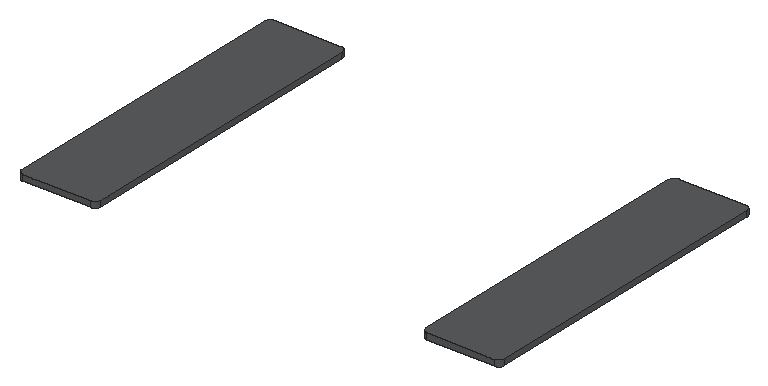
Revit family "Countertop-Supports_Centerline-Brackets_Commercial-Standard-Bracket", category Casework, Revit 2023
Family settings
  OmniClass Number = 23.40.35.11
  OmniClass Title = Casework Components
  Work Plane-Based = No
  Always vertical = Yes
  Cut with Voids When Loaded = No
  Shared = No
  Room Calculation Point = No
Parameters (values of type "14"")
  Width [instance] = Span  # 21 1/2"
  URL = "https://www.countertopbracket.com"
  Span [instance] = if(Number of Brackets = 1, 3 1/2", (Bracket Spacing * (Number of Brackets - 1)) + 3 1/2")  # 21 1/2"
  Product data url = "https://www.bimobject.com/centerline_brackets/product/commercial-standard-bracket"
  Product Material = Centerline Brackets - Steel - Powder Coated - Black (B)
  Placement Height [instance] = 36"
  No of Brackets Control [instance] = if(Number of Brackets < 2, 2, Number of Brackets)  # 2
  Number of Brackets [instance] = 2
  Model = "CST-14"
  Maximum Spacing [instance] = 22"  # constant formula
  Manufacturer = "Centerline Brackets"  # constant formula
  Length = 14"
  Keynote = "12000"
  Height = 1/4"  # constant formula
  Finish Note = "When choosing an alternative finish, please remember to update the model number to reflect the chosen finish."  # constant formula
  Finish = "Available Powder Coat Finishes; White (W), Black (B)"  # constant formula
  Description = "Commercial Standard Bracket"
  Depth = 3 1/2"  # constant formula
  Default Elevation = 0"
  Control [instance] = if(Number of Brackets < 2, 0", if(Bracket Spacing > Maximum Spacing, Maximum Spacing, Bracket Spacing))  # 18"
  Bracket Spacing [instance] = 18"
  Assembly Code = "E2010200"
Types (4): name | Model | Length
  8" | "CST-08" | 8"
  10" | "CST-10" | 10"
  12" | "CST-12" | 12"
  14" | "CST-14" | 14"
Reference planes (in)
  plane 1 "Center (Front/Back)": y = 0
  plane 2: z = 0
  plane 3 "Center (Left/Right)": x = 0
  plane 4: z = 36
  plane 5: z = 35.75
  plane 6: y = -14
  plane 7: x = 0
  plane 8: x = 21.5
  plane 9: x = 18
Dimensions and locks (in)
  "Placement Height": plane 4 to plane 2
  "Height": plane 4 to plane 5
  "Length": plane 1 "Center (Front/Back)" to plane 6
  "Control": plane 7 to plane 9
  "Span": plane 7 to plane 8
  group 1 to group 2 = 18"
  group 1 to group 2 = 0"
  group 2 to group 1 = 0"
  aligned and locked: plane 2 to level
  aligned and locked: nested 1 to plane 4  (x2)
  aligned and locked: plane 7 to plane 3 "Center (Left/Right)"
  aligned and locked: nested 1 to plane 7
  aligned and locked: plane 1 "Center (Front/Back)" to nested 1
  aligned and locked: nested 2 to plane 9
  aligned and locked: plane 1 "Center (Front/Back)" to nested 2
  aligned and locked: nested 2 to plane 4
Nested families (in)
  nested 1: "CommercialStandardBracket" at (1.75, 0, 35.75), type "Geometry"
    with Length 14"
  nested 2: "CommercialStandardBracket" at (19.75, 0, 35.75), type "Geometry"
    with Length 14"
Definition of nested family "CommercialStandardBracket"
  Parameters (values of type "Geometry")
    URL = ""
    Product Material = none
    Manufacturer = ""
    Length = 8"
    Height = 1/4"
    Default Elevation = 0"
  Reference planes (in)
    plane 1 "Center (Front/Back)": y = 0
    plane 2: z = 0
    plane 3 "Center (Left/Right)": x = 0
    plane 4: y = -8
    plane 5: z = 0.25
    plane 6: x = -1.75
    plane 7: x = 1.75
    plane 8: y = -0.5
    plane 9: y = -0.75
    plane 10: y = -2.75
    plane 11: y = -3
    plane 12: x = 1.25
    plane 13: x = 1
    plane 14: x = -1
    plane 15: x = -1.25
  Forms (in)
    Extrusion 1, solid, material <- "Product Material"
      sketch origin (0, 0, 0) x (1, 0, 0) y (0, 1, 0)
        loop
          line (-1.75, -0.3) -> (-1.75, -7.75)
          arc (-1.75, -7.75) -> (-1.67678, -7.92678) -> (-1.5, -8) r 0.25
          line (-1.5, -8) -> (1.5, -8)
          arc (1.5, -8) -> (1.67678, -7.92678) -> (1.75, -7.75) r 0.25
          line (1.75, -7.75) -> (1.75, -0.3)
          arc (1.75, -0.3) -> (1.66213, -0.08787) -> (1.45, 0) r 0.3
          line (1.45, 0) -> (-1.45, 0)
          arc (-1.45, 0) -> (-1.66213, -0.08787) -> (-1.75, -0.3) r 0.3
      from 0 to 0.25
  Lines and regions (in)
    Masking region 1
      outline origin (0, 0, 0) x (1, 0, 0) y (0, 1, 0)
        loop
          line (1.75, -7.75) -> (1.75, -0.3)
          arc (1.75, -0.3) -> (1.66213, -0.08787) -> (1.45, 0) r 0.3
          line (1.45, 0) -> (-1.45, 0)
          arc (-1.45, 0) -> (-1.66213, -0.08787) -> (-1.75, -0.3) r 0.3
          line (-1.75, -0.3) -> (-1.75, -7.75)
          arc (-1.75, -7.75) -> (-1.67678, -7.92678) -> (-1.5, -8) r 0.25
          line (-1.5, -8) -> (1.5, -8)
          arc (1.5, -8) -> (1.67678, -7.92678) -> (1.75, -7.75) r 0.25
    symbolic lines, detail levels medium+fine
      curve 1: circle (1.25, -0.5, 0) r 0.255 normal (0, 0, 1)
      curve 2: circle (-1, -0.75, 0) r 0.255 normal (0, 0, 1)
      curve 3: circle (1, -2.75, 0) r 0.255 normal (0, 0, 1)
      curve 4: circle (-1.25, -3, 0) r 0.255 normal (0, 0, 1)
    model lines, detail levels medium+fine
      curve 5: circle (1.25, -0.5, 0.25) r 0.255 normal (0, 0, 1)
      curve 6: circle (-1, -0.75, 0.25) r 0.255 normal (0, 0, 1)
      curve 7: circle (1, -2.75, 0.25) r 0.255 normal (0, 0, 1)
      curve 8: circle (-1.25, -3, 0.25) r 0.255 normal (0, 0, 1)
  Dimensions and locks (in)
    "Length": plane 1 "Center (Front/Back)" to plane 4
    "Height": plane 5 to plane 2
    locked: plane 8 to plane 1 "Center (Front/Back)" at 0.5
    locked: plane 9 to plane 1 "Center (Front/Back)" at 0.75
    locked: plane 10 to plane 1 "Center (Front/Back)" at 2.75
    locked: plane 11 to plane 1 "Center (Front/Back)" at 3
    locked: plane 12 to plane 7 at 0.5
    locked: plane 13 to plane 7 at 0.75
    locked: plane 14 to plane 7 at 2.75
    locked: plane 15 to plane 7 at 3
    equal spacing: plane 6, plane 3 "Center (Left/Right)", plane 7
    locked: plane 6 to plane 7 at 3.5
    aligned and locked: plane 2 to level
    aligned and locked: plane 12 to curve 1
    aligned and locked: plane 13 to curve 3
    aligned and locked: plane 14 to curve 2
    aligned and locked: plane 15 to curve 4
    aligned and locked: plane 11 to curve 4
    aligned and locked: plane 10 to curve 3
    aligned and locked: plane 9 to curve 2
    aligned and locked: plane 8 to curve 1
    aligned and locked: Extrusion 1 sketch curve to plane 6
    aligned and locked: Extrusion 1 sketch curve to plane 7
    aligned and locked: Extrusion 1 sketch curve to plane 1 "Center (Front/Back)"
    aligned and locked: Extrusion 1 sketch curve to plane 4
    aligned and locked: plane 5 to Extrusion 1
    aligned and locked: Masking region 1 sketch curve to Extrusion 1  (x4)
  Automatic sketch dimensions
    curve 8 to plane 11 = 0"
    curve 7 to plane 10 = 0"
    curve 6 to plane 9 = 0"
    curve 5 to plane 8 = 0"
    curve 8 to plane 15 = 0"
    curve 6 to plane 14 = 0"
    curve 7 to plane 13 = 0"
    curve 5 to plane 12 = 0"
    plane 6 to Extrusion 1 sketch curve = 1/4"
    plane 15 to Extrusion 1 sketch curve = 0.2"
    plane 12 to Extrusion 1 sketch curve = 0.2"
    plane 4 to Extrusion 1 sketch curve = 1/4"
    Extrusion 1 sketch curve to Extrusion 1 sketch curve = 0"  (x2)
    radius of curve 1 = 0.255"
    radius of curve 2 = 0.255"
    radius of curve 3 = 0.255"
    radius of curve 4 = 0.255"
    radius of curve 5 = 0.255"
    radius of curve 6 = 0.255"
    radius of curve 7 = 0.255"
    radius of curve 8 = 0.255"
